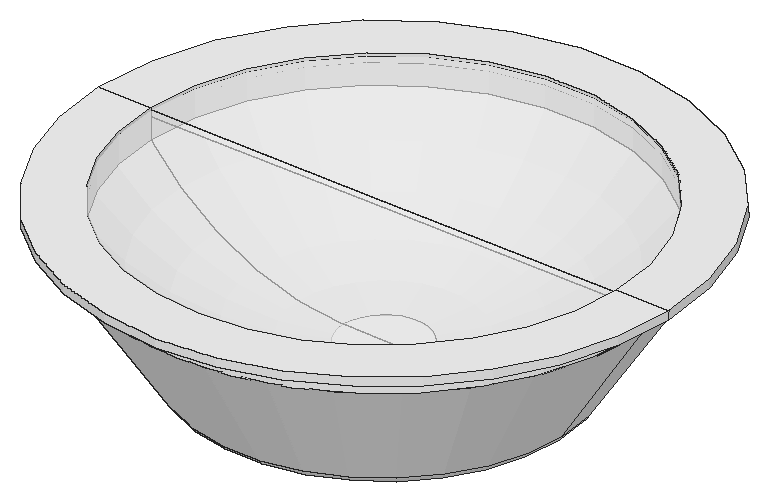
Revit family "0030441", category Lighting Fixtures, host Face, Revit 2017
Family settings
  Host = Face
  Round Connector Dimension = Use Diameter
  Part Type = Normal
  OmniClass Number = 23.80.70.00
  OmniClass Title = Lighting
  Cut with Voids When Loaded = No
  Light Source = Yes
  Shared = No
  Room Calculation Point = No
Parameters (values of type "0030441 INSAVER SLIM UGR19 205 IP44 2050LM 940")
  WidthBezel_SYL = if(Size1_SYL, 20 mm, if(Size2_SYL, 20 mm, if(Size3PIR_SYL, 30 mm, if(Size4_SYL, 20 mm, 20 mm))))  # 20 mm
  Weight = "8.76 kg"
  Wattage Comments = ""
  Wattage = 20 W
  WarrantyStartDate [instance] = "n/a"
  WarrantyGuarantorParts = "n/a"
  WarrantyDurationUnit = "n/a"
  WarrantyDurationParts = "n/a"
  WarrantyDescription = "n/a"
  built-in parameter 1150110 = 1 (stored number, unit not read)
  Voltage = 0 V
  VisibilityPIR_SYL = Size3PIR_SYL  # no
  URL = "http://www.sylvania-lighting.com"
  TypeName = "Insaver Slim UGR19 205 IP44 2050lm 940"
  Type Image = <None>
  Type Comments = "n/a"
  built-in parameter 1114217 = 1 (stored number, unit not read)
  Tilt Angle = -90.00°
  built-in parameter 1150109 = 1 (stored number, unit not read)
  built-in parameter 1150134 = 12
  built-in parameter 1150113 = 1 (stored number, unit not read)
  Size4_SYL = yes
  Size3PIR_SYL = no
  Size2_SYL = no
  Size1_SYL = no
  SerialNumber [instance] = "n/a"
  RadiusTop_SYL = 6 mm
  RadiusReflector_SYL = if(Size1_SYL, 85 mm, if(Size2_SYL, 85 mm, if(Size3PIR_SYL, 85 mm, if(Size4_SYL, 100 mm, 120 mm))))  # 100 mm
  Photometric Web File = "0030441.ies"
  Material_3_FEILO = Top-Sylvania-STARTDownlight
  PowerFactor = 0.9
  PowerConsumption = "20 W"
  NominalLength = 220 mm
  NominalHeight = 60 mm
  NominalDepth = 220 mm
  Name = "Insaver Slim UGR19 205 IP44 2050lm 940"
  ModelReference = Name  # "Insaver Slim UGR19 205 IP44 2050lm 940"
  ModelNumber = "0030441"
  Model = Name  # "Insaver Slim UGR19 205 IP44 2050lm 940"
  Material = "aluminium housing"
  ManufacturerName = "Feilo Sylvania"
  Manufacturer = "Feilo Sylvania"
  LuminousEfficacy = "103 lm/W"
  built-in parameter 1150105 = 1864.6 (stored number, unit not read)
  Lumens = 2060 lm
  LuminaireType = ""
  built-in parameter 1150115 = 1 (stored number, unit not read)
  LightOutputRatio = "n/a"
  built-in parameter 1150137 = (empty or 0)
  built-in parameter 1150139 = (empty or 0)
  LampsType = Lamp  # "LED"
  LampNominalLuminous = "2050 lm"
  LampMacAdamStep = "3"
  LampColourTemperature = "4000 K"
  LampColourRenderingIndex = "90"
  built-in parameter 1150112 = 1 (stored number, unit not read)
  built-in parameter 1150114 = 1 (stored number, unit not read)
  Lamp = "LED"
  Keynote = "16500"
  InstallationDate [instance] = "n/a"
  InputVoltage = "n/a"
  InputNominalFrequency = "n/a"
  built-in parameter 1150132 = (empty or 0)
  built-in parameter 1150102 = (empty or 0)
  built-in parameter 1150107 = 4000 (stored number, unit not read)
  built-in parameter 1150138 = (empty or 0)
  IngressProtection = "IP44/20"
  ImpactProtectionIndex = "IK07"
  built-in parameter 1150106 = 18.646 (stored number, unit not read)
  IfcExportType = "IfcLightFixtureType"
  IfcExportAs = "IfcLightFixtureType"
  Height_SYL = if(Size1_SYL, 61 mm, if(Size2_SYL, 61 mm, if(Size3PIR_SYL, 61 mm, if(Size4_SYL, 61 mm, 60 mm))))  # 61 mm
  HeightBezel_SYL = if(Size1_SYL, 3 mm, if(Size2_SYL, 3 mm, if(Size3PIR_SYL, 3 mm, if(Size4_SYL, 3.2 mm, 3 mm))))  # 3.2 mm
  ExpectedLife = 50000
  Emit from Circle Diameter = Diameter_SYL - 40 mm  # 180 mm
  Emit Shape Visible in Rendering = no
  ElectricShockClassification = "Class II"
  built-in parameter 1150104 = 9.569 (stored number, unit not read)
  DurationUnit = "hours"
  DocumentationLiterature = "http://www.sylvania-lighting.com/product/en-int/products/0030441"
  DimmingControlOptions = "n/a"
  Material_2_FEILO = Diffuser-Sylvania-STARTDownlight
  Dimming Lamp Color Temperature Shift = <None>
  Diameter_SYL = if(Size1_SYL, 165 mm, if(Size2_SYL, 190 mm, if(Size3PIR_SYL, 211 mm, if(Size4_SYL, 220 mm, 240 mm))))  # 220 mm
  DiameterTop_SYL = if(Size1_SYL, 98 mm, if(Size2_SYL, 122 mm, if(Size3PIR_SYL, 120 mm, if(Size4_SYL, 135 mm, 158 mm))))  # 135 mm
  DiameterTopBase_SYL = DiameterRecess_SYL  # 200 mm
  DiameterRecess_SYL = if(Size1_SYL, 150 mm, if(Size2_SYL, 170 mm, if(Size3PIR_SYL, 186 mm, if(Size4_SYL, 200 mm, 225 mm))))  # 200 mm
  Description = ""
  Default Elevation = 1219.2 mm
  CreatedOn = "11/19/2020"
  CreatedBy = "@sylvania-lighting.com"
  Cost = 0
  Color Filter = 16777215
  built-in parameter 1114216 [instance] = (empty or 0)
  ClassificationValue = "EF_70_80"
  ClassificationName = "Uniclass2015"
  Material_1_FEILO = Trim-Sylvania-STARTDownlight-White
  BarCode [instance] = "n/a"
  built-in parameter 1114218 = 1 (stored number, unit not read)
  built-in parameter 1150133 = 10 (stored number, unit not read)
  AssetType = "Fixed"
  AssetIdentifier [instance] = "n/a"
  Assembly Code = "D5020200"
  Apparent Load = 20 VA
  Material_4_FEILO = LED-Sylvania-STARTDownlight
Reference planes
  plane 1 "Center (Front/Back)": y = 0
  plane 2: z = 0
  plane 3 "Center (Left/Right)": x = 0
  plane 4: x = 110
  plane 5: x = -110
  plane 6: z = 3.2
  plane 7: z = -8
  plane 8: z = -57.8
  plane 9: x = -100
  plane 10: x = 100
  plane 11: x = -67.5
  plane 12: x = 67.5
  plane 13: z = -85
  plane 14: x = -90
  plane 15: z = 2.2
  plane 16: z = -45.8
  plane 17: x = -16
  plane 18: x = -95
  plane 19: x = -81.5
  plane 20: x = -99.5
  plane 21: x = -104
  plane 22: z = 5.7
  plane 23: z = 8.9
  plane 24: x = -103
  plane 25: z = 13.9
Forms (mm)
  Revolve 1, void
    sketch origin (0, 0, 0) x (1, 0, 0) y (0, 0, 1)
      loop
        line (0, 0) -> (-100, 0) -> (-100, -85) -> (0, -85) -> (0, 0)
      axis (0, 0) -> (0, -85)
    angle from 360 to 0
  Revolve 2, solid, material "Trim-Sylvania-STARTDownlight-White" <- "Material_1_FEILO"
    sketch origin (0, 0, 0) x (1, 0, 0) y (0, 0, 1)
      loop
        line (-90, 3.2) -> (-110, 3.2) -> (-110, 0) -> (-100, 0) -> (-100, -8) -> (-69.181, -54.568)
        arc (-69.181, -54.568) -> (-66.971, -56.929) -> (-63.857, -57.8) r 6
        line (-63.857, -57.8) -> (0, -57.8) -> (0, -45.8) -> (-16, -45.8)
        arc (-16, -45.8) -> (-57.112, -34.95) -> (-90, -8) r 100
        line (-90, -8) -> (-90, 3.2)
      axis (0, 3.2) -> (0, -57.8)
    angle from 360 to 0
  Revolve 3, solid, material "Diffuser-Sylvania-STARTDownlight" <- "Material_2_FEILO"
    sketch origin (0, 0, 0) x (1, 0, 0) y (0, 0, 1)
      loop
        line (-90, 0) -> (0, 0) -> (0, 2.2) -> (-90, 2.2) -> (-90, 0)
      axis (0, 2.2) -> (0, 0)
    angle from 360 to 0
  Revolve 4, solid, material "Trim-Sylvania-STARTDownlight-White" <- "Material_1_FEILO", visible <- "VisibilityPIR_SYL"
    sketch origin (0, 0, 0) x (1, 0, 0) y (0, 0, 1)
      loop
        line (-95, 3.2) -> (-95, 13.9)
        arc (-95, 13.9) -> (-99.717, 12.547) -> (-103, 8.9) r 8.9
        line (-103, 8.9) -> (-103, 5.7) -> (-104, 5.7) -> (-104, 3.2) -> (-95, 3.2)
      axis (-95, 13.9) -> (-95, 3.2)
    angle from 360 to 0
Dimensions and locks
  equal spacing: plane 4, plane 3 "Center (Left/Right)", plane 5
  "Diameter_SYL": plane 4 to plane 5
  equal spacing: plane 10, plane 3 "Center (Left/Right)", plane 9
  equal spacing: plane 12, plane 3 "Center (Left/Right)", plane 11
  "DiameterTop_SYL": plane 12 to plane 11
  "HeightBezel_SYL": plane 6 to plane 2
  "Height_SYL": plane 6 to plane 8
  locked: plane 2 to plane 7 at 8
  locked: plane 2 to plane 13 at 85
  "WidthBezel_SYL": plane 14 to plane 5
  locked: plane 6 to plane 15 at 1
  "DiameterRecess_SYL": plane 10 to plane 9
  locked: plane 3 "Center (Left/Right)" to plane 17 at 16
  locked: plane 16 to plane 8 at 12
  locked: plane 18 to plane 21 at 9
  locked: plane 22 to plane 6 at 2.5
  locked: plane 23 to plane 22 at 3.2
  locked: plane 18 to plane 24 at 8
  locked: plane 25 to plane 23 at 5
  locked: plane 25 to Revolve 4 sketch curve at 8.9
  locked: plane 18 to plane 5 at 15
  "RadiusReflector_SYL": radius of Revolve 2 sketch curve
  "RadiusTop_SYL": radius of Revolve 2 sketch curve
  aligned and locked: plane 2 to host face
  aligned and locked: level to host face
  aligned and locked: Revolve 1 sketch curve to plane 3 "Center (Left/Right)"
  aligned and locked: plane 3 "Center (Left/Right)" to Revolve 1 sketch curve
  aligned and locked: Revolve 1 sketch curve to plane 9
  aligned and locked: plane 13 to Revolve 1 sketch curve
  aligned and locked: plane 3 "Center (Left/Right)" to imposter light
  aligned and locked: imposter light to plane 15
  aligned and locked: imposter light to plane 1 "Center (Front/Back)"
  aligned and locked: Revolve 2 sketch curve to plane 3 "Center (Left/Right)"
  aligned and locked: Revolve 2 sketch curve to plane 6
  aligned and locked: Revolve 2 sketch curve to plane 5
  aligned and locked: Revolve 2 sketch curve to level
  aligned and locked: plane 7 to Revolve 2 sketch curve  (x2)
  aligned and locked: Revolve 2 sketch curve to plane 9
  aligned and locked: plane 8 to Revolve 2 sketch curve
  aligned and locked: Revolve 2 sketch curve to plane 14
  aligned and locked: plane 3 "Center (Left/Right)" to Revolve 2 sketch curve
  aligned and locked: Revolve 2 sketch curve to plane 16
  aligned and locked: Revolve 3 sketch curve to plane 3 "Center (Left/Right)"
  aligned and locked: Revolve 3 sketch curve to level
  aligned and locked: imposter light to Revolve 3 sketch curve  (x2)
  aligned and locked: Revolve 4 sketch curve to plane 18  (x2)
  aligned and locked: Revolve 4 sketch curve to plane 6
  aligned and locked: plane 22 to Revolve 4 sketch curve
  aligned and locked: plane 24 to Revolve 4 sketch curve
  aligned and locked: Revolve 4 sketch curve to Revolve 4 sketch curve
  aligned and locked: plane 21 to Revolve 4 sketch curve
Automatic sketch dimensions
  host sketch curve to host sketch curve = 2438.4 mm  (x2)
  plane 13 to Revolve 1 sketch curve = 524.6 mm
  Revolve 1 sketch curve to plane 6 = 2606.058 mm
  Revolve 1 sketch curve to level = 0 mm
  Revolve 2 sketch curve to plane 17 = 0 mm
  Revolve 2 sketch curve to plane 11 = 1.681 mm
  plane 11 to Revolve 2 sketch curve = 3.643 mm
  plane 13 to Revolve 2 sketch curve = 524.6 mm
  Revolve 2 sketch curve to Revolve 2 sketch curve = 2577.983 mm
  Revolve 3 sketch curve to plane 14 = 0 mm
  plane 13 to Revolve 3 sketch curve = 524.6 mm
  Revolve 3 sketch curve to plane 6 = 2606.058 mm
  Revolve 4 sketch curve to plane 23 = 0 mm
  plane 13 to Revolve 4 sketch curve = 524.6 mm
  Revolve 4 sketch curve to Revolve 4 sketch curve = 2595.358 mm
Connectors
  electrical at (0, 0, 0), driven by "Apparent Load", driven by "PowerFactor", driven by "Voltage"
    settings: index 1, voltage 0 V, apparent load 20 VA, apparent load phase1 0 VA, apparent load phase2 0 VA, apparent load phase3 0 VA, power factor 0.9, load classification "Lighting", number of poles 1, system type 30, power factor state 1, is connector primary yes, connector utility no, sub classification motor no, connector description ""
